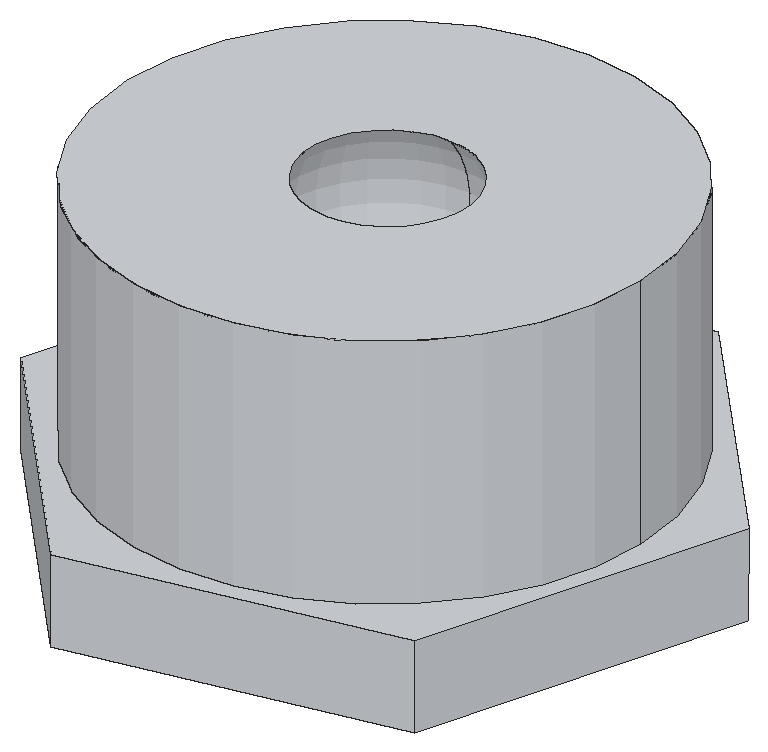
Revit family "HSP2G", category Generic Models, Revit 2017
Family settings
  Can host rebar = No
  Round Connector Dimension = Use Diameter
  Part Type = Normal
  Work Plane-Based = Yes
  Always vertical = No
  Cut with Voids When Loaded = No
  Shared = No
  Room Calculation Point = No
Parameters (values of type "NBS Standard Parameters")
  Weight = "0.0628Kg"
  WarrantyStartDate [instance] = "1900-12-31T23:59:59"
  WarrantyGuarantorParts = "n/a"
  WarrantyGuarantorLabor = "n/a"
  WarrantyDurationUnit = "1 year"
  WarrantyDurationParts = "n/a"
  WarrantyDurationLabor = "n/a"
  WarrantyDescription = "n/a"
  Version = "1"
  Uniclass2 = "Pr_65_70_11_20"
  TagNumber [instance] = "n/a"
  SustainabilityPerformance = "n/a"
  Size = "25mm"
  Shape = "Circular"
  SerialNumber [instance] = "n/a"
  Revision = "n/a"
  ReplacementCost = "n/a"
  ProductInformation = "www.metpro.co.uk/pdf/hsp2g.pdf"
  NominalWidth = 26.5 mm
  NominalLength = 26.5 mm
  NominalHeight = 15 mm
  Name = ""
  NBSTypeID = ""
  NBSReference = "90-55-10/460"
  NBSOfficeMasterTag = ""
  NBSNote = ""
  NBSDescription = "Conduit Fittings"
  NBSCertification = ""
  ModelReference = "HSP2G"
  ModelNumber = "n/a"
  Material = "Steel"
  ManufacturerURL = "www.metpro.co.uk"
  ManufacturerName = "Metpro Ltd"
  Keynote = "Compliant to LU Standard 1-085"
  InstallationDate [instance] = "1900-12-31T23:59:59"
  IfcExportType = ""
  IfcExportAs = ""
  Grade = "n/a"
  Finish = "BZP"
  Features = "n/a"
  ExpectedLife = "n/a"
  DurationUnit = "year"
  Description = "HSP2G  25mm Hexagonal Conduit Stopping Plug"
  Default Elevation = 1219.2 mm
  Constituents = "n/a"
  Color = "n/a"
  CodePerformance = "n/a"
  Category = "n/a"
  BarCode [instance] = "n/a"
  BIMObjectName = "Metpro_Metprolibrary_Conduitfittings_Metalcomponents_Steelaccessories"
  Author = "Metpro Limited"
  AssetType = ""
  AssetIdentifier [instance] = "n/a"
  AccessibilityPerformance = "n/a"
Reference planes
  plane 1 "Center (Front/Back)": y = 0
  plane 2: z = 0
  plane 3 "Center (Left/Right)": x = 0
Forms (mm)
  Extrusion 1, solid
    sketch origin (15, -199.828, 6.25) x (0, 1, 0) y (-1, 0, 0)
      loop
        circle (0, 0) r 12.5
    from 0 to 11.5
  Extrusion 2, solid
    sketch origin (15, -199.828, 6.25) x (0, 1, 0) y (-1, 0, 0)
      loop
        line (-3.463, 15) -> (-14.722, 4.501) -> (-11.259, -10.499) -> (3.463, -15) -> (14.722, -4.501) -> (11.259, 10.499) -> (-3.463, 15)
    from -4 to 0
  Revolve 3, void
    sketch origin (15, -199.621, 37.493) x (0, 0, 1) y (0, -1, 0)
      loop
        arc (-18, 0) -> (-23, 5) -> (-28, 0) r 5
        line (-28, 0) -> (-18, 0)
      axis (-18, 0) -> (-28, 0)
    angle from 0 to 360
Cuts and joins
  Revolve 3 cuts Extrusion 1
Dimensions and locks
  aligned and locked: level to plane 2
